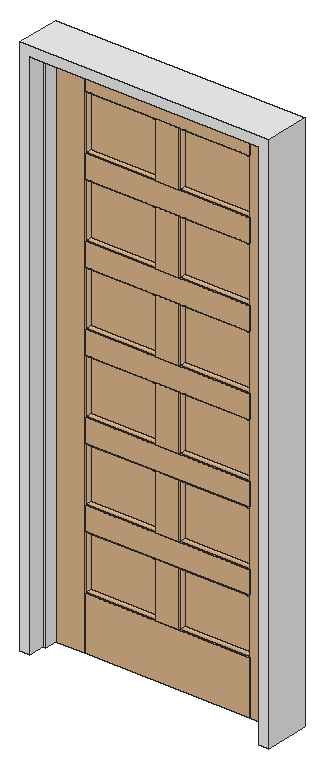
Revit family
Parameters (values of type "1 3/4" Flat Panel")
  URL = "http://www.karonadoor.com"
  Thickness Note = "Do not edit thickness."  # constant formula
  Thickness = 1.774"
  Swing Angle 2D = 90.00°
  SmartBIM Object Version = 1  # constant formula
  SmartBIM Object Created By = "Reed Construction Data"  # constant formula
  Rough Width = 0.000"
  Rough Height = 1.750"
  Panel = Panel_K3220_Karona : 1 3/4" - Flat Panel
  Model = "K3220 Ovolo"  # constant formula
  Manufacturer = "Karona , Inc."  # constant formula
  Detail Door Thickness = 1.750"
  Assembly Code = ""
  Top Rail Height = 5.000"
  Top Rail = Wood, Cherry - Grain Horizontal
  Stile Width = 5.063"
  Stile = Wood, Cherry - Grain Vertical
  Sticking = Wood, Cherry - Grain Vertical
  Middle Rail = Wood, Cherry - Grain Horizontal
  Height = 84.000"
  Wall Closure = (empty or 0)
  Width = 36.000"
  Frame = Metal
  Bottom Rail Height = 8.500"
  Bottom Rail = Wood, Cherry - Grain Horizontal
  95 CSI = "08210"  # constant formula
  04 CSI = "08 14 33"  # constant formula
Types (9): name | Thickness | Rough Height | Panel | Detail Door Thickness
  1 3/4" Flat Panel | 1.774" | 1.750" | Panel_K3220_Karona : 1 3/4" - Flat Panel | 1.750"
  1 3/8" Flat Panel | 1.334" | 0.000" | Panel_K3220_Karona : 1 3/8" - Flat Panel | 1.375"
  2 1/4" Flat Panel | 2.250" | 0.000" | Panel_K3220_Karona : 2 1/4" - Flat Panel | 2.250"
  1 3/4" Glass Panel | 1.774" | 1.750" | Panel_K3220_Karona : 1 3/4" - Glass Panel | 1.750"
  1 3/8" Glass Panel | 1.334" | 0.000" | Panel_K3220_Karona : 1 3/8" - Glass Panel | 1.375"
  2 1/4" Glass Panel | 2.250" | 0.000" | Panel_K3220_Karona : 2 1/4" - Glass Panel | 2.250"
  1 3/4" Raised Panel | 1.774" | 1.750" | Panel_K3220_Karona : 1 3/4" - Raised Panel | 1.774"
  1 3/8" Raised Panel | 1.334" | 0.000" | Panel_K3220_Karona : 1 3/8" - Raised Panel | 1.375"
  2 1/4" Raised Panel | 2.250" | 0.000" | Panel_K3220_Karona : 2 1/4" - Raised Panel | 2.250"
Reference planes (in)
  plane 1 "Center (Front/Back)": y = 0
  plane 2 "Center (Left/Right)": x = 0
  plane 3 "Left": x = -18
  plane 4 "Right": x = 18
  plane 5 "Top": z = 84
  plane 6 "Exterior Edge of Frame": y = 3.5
  plane 7 "Interior Edge of Frame": y = -3.5
  plane 8: y = 1
  plane 9: y = -1
  plane 10 "Opening Left": x = -19.5
  plane 11 "Opening Right": x = 19.5
  plane 12 "Top of Opening": z = 85.5
  plane 13: x = -17.5
Forms (in)
  Sweep 1, solid, material "Metal" <- "Frame"
    path origin (0, 0, 0) x (1, 0, 0) y (0, 0, 1)
      loop
        line (-19.5, 0) -> (-19.5, 85.5) -> (19.5, 85.5) -> (19.5, 0)
    profile origin (-19.5, 0, 42.75) x (-1, 0, 0) y (0, -1, 0)
      loop
        line (0, -3.5) -> (0, 3.5) -> (-1.5, 3.5) -> (-1.5, 1) -> (-2, 1) -> (-2, -1) -> (-1.5, -1) -> (-1.5, -3.5) -> (0, -3.5)
Lines and regions (in)
  Opening 1
    outline origin (-90, -3, 0) x (1, 0, 0) y (0, 0, 1)
      loop
        line (70.5, 0) -> (109.5, 0) -> (109.5, 85.5) -> (70.5, 85.5) -> (70.5, 0)
  symbolic lines, style "Elevation Swing"
    curve 1: line (18, 3, 0) -> (-18, 3, 42)
    curve 2: line (-18, 3, 42) -> (18, 3, 84)
Text (in)
  text "Exterior" at (-46.13199, 20.20143, 0), in view "Ref. Level"
  text "Interior" at (-46.13199, -10.56751, 0), in view "Ref. Level"
  text "Exterior" at (0, 40.15149, 123.01588), in view "Right"
  text "Interior" at (0, -64.39139, 123.01588), in view "Right"
  text "Interior" at (0, -31.01599, 123.00693), in view "Left"
  text "Exterior" at (0, 54.57065, 123.00693), in view "Left"
Dimensions and locks (in)
  "Height": level to plane 5 "Top"
  "Width": plane 3 "Left" to plane 4 "Right"
  equal spacing: host wall, curve 2, plane 5 "Top"
  locked: host wall to plane 7 "Interior Edge of Frame" at 0.5
  locked: plane 6 "Exterior Edge of Frame" to host wall at 0.5
  locked: plane 9 to plane 7 "Interior Edge of Frame" at 2.5
  locked: plane 6 "Exterior Edge of Frame" to plane 8 at 2.5
  equal spacing: plane 3 "Left", plane 2 "Center (Left/Right)", plane 4 "Right"
  locked: plane 4 "Right" to plane 11 "Opening Right" at 1.5
  locked: plane 5 "Top" to plane 12 "Top of Opening" at 1.5
  locked: plane 3 "Left" to plane 13 at 0.5
  locked: plane 10 "Opening Left" to plane 3 "Left" at 1.5
  aligned and locked: Opening 1 sketch curve to level
  aligned and locked: plane 4 "Right" to curve 1
  aligned and locked: plane 3 "Left" to curve 1
  aligned and locked: plane 5 "Top" to curve 2
  aligned and locked: Opening 1 sketch curve to plane 11 "Opening Right"
  aligned and locked: plane 12 "Top of Opening" to Opening 1 sketch curve
  aligned and locked: Opening 1 sketch curve to plane 10 "Opening Left"
  aligned and locked: plane 10 "Opening Left" to Sweep 1 sketch curve
  aligned and locked: plane 12 "Top of Opening" to Sweep 1 sketch curve
  aligned and locked: plane 11 "Opening Right" to Sweep 1 sketch curve
  aligned and locked: level to Sweep 1 sketch curve  (x2)
  aligned and locked: Sweep 1 sketch curve to plane 10 "Opening Left"
  aligned and locked: Sweep 1 sketch curve to plane 6 "Exterior Edge of Frame"
  aligned and locked: Sweep 1 sketch curve to plane 7 "Interior Edge of Frame"
  aligned and locked: Sweep 1 sketch curve to plane 8
  aligned and locked: Sweep 1 sketch curve to plane 9
  aligned and locked: plane 13 to Sweep 1 sketch curve
  aligned and locked: plane 3 "Left" to Sweep 1 sketch curve  (x2)
  aligned and locked: nested 1 to plane 3 "Left"
  aligned and locked: nested 1 to plane 8
  aligned and locked: plane 2 "Center (Left/Right)" to nested 2
  aligned and locked: nested 2 to plane 8
  aligned and locked: plane 8 to nested 2
Automatic sketch dimensions
  curve 1 to level = 0.000"
  curve 2 to plane 4 "Right" = 0.000"
Nested families (in)
  nested 1: "Door Panel Plan View" at (-31.5, 1, 0) x (-1, 0, 0) z (0, 0, 1), type "Door Panel Plan View"
    with Thickness 1.750", Height 84.000"
  nested 2: "Panel_K3220_Karona" at (13.5, 0.6575, 0), type <- "Panel", type "1 3/4" - Flat Panel"
    with Top Panel Offset 9.36458", Panel Height 8.72917", Height 84.000", Half Panel Height 4.36458", Cross Rail and Panel Spacing Start 6.17708", Cross Rail Panel Height 12.35417"
Definition of nested family "Panel_K3220_Karona"
  Parameters (values of type "2 1/4" - Flat Panel")
    Width = 36.000"
    Top Rail Material = Wood, Cherry - Grain Horizontal
    Top Rail Height = 5.000"
    Top Panel Offset = Top Rail Height + Half Panel Height  # 9.36458"
    Thickness Note = "Do not change door thickness"  # constant formula
    Thickness = 2.250"
    Stile Width = 5.063"
    Stile Material = Wood, Cherry - Grain Vertical
    Sticking Material = Wood, Cherry - Grain Vertical
    Panel Width = (Width - (2 * Stile Width) - (1 * Mullion Width)) / 2  # 11.1245"
    Panel Height = (Height - (Bottom Rail Height + Top Rail Height) - (5 * 3.625")) / 6  # 8.72917"
    Panel = Glass-Sticking-Assembly-Ovolo_Karona : Flat Panel
    Mullion Width = 3.625"  # constant formula
    Interior Panel = Wood, Cherry - Grain Vertical
    Height = 84.000"
    Half Panel Width = 0.5 * Panel Width  # 5.56225"
    Half Panel Height = 0.5 * Panel Height  # 4.36458"
    Exterior Edge - Glass Bottom Offset = if(Thickness = 1.774", 0.567", if(Thickness = 2.250", 0.803", 0.469"))  # 0.803"
    Door Panel Material = Wood, Cherry - Grain Vertical
    Default Elevation = 0.000"  # constant formula
    Cross Rail and Panel Spacing Start = Half Panel Height + 0.5 * (3.625")  # 6.17708"
    Cross Rail Panel Height = Panel Height + 3.625"  # 12.35417"
    Bottom Rail Material = Wood, Cherry - Grain Horizontal
    Bottom Rail Height = 8.500"
    Assembly Code = ""
  Types (9): name | Top Panel Offset | Thickness | Panel Height | Panel | Interior Panel | Height | Half Panel Height | Exterior Edge - Glass Bottom Offset | Cross Rail and Panel Spacing Start | Cross Rail Panel Height
    2 1/4" - Flat Panel | 9.36458" | 2.250" | 8.72917" | Glass-Sticking-Assembly-Ovolo_Karona : Flat Panel | Wood, Cherry - Grain Vertical | 84.000" | 4.36458" | 0.803" | 6.17708" | 12.35417"
    2 1/4" - Glass Panel | 9.36458" | 2.250" | 8.72917" | Glass-Sticking-Assembly-Ovolo_Karona : Glass Panel | Glass | 84.000" | 4.36458" | 0.803" | 6.17708" | 12.35417"
    2 1/4" - Raised Panel | 9.03125" | 2.250" | 8.0625" | Glass-Sticking-Assembly-Ovolo_Karona : Raised Panel | Wood, Cherry - Grain Vertical | 80.000" | 4.03125" | 0.803" | 5.84375" | 11.6875"
    1 3/4" - Raised Panel | 9.36458" | 2.250" | 8.72917" | Glass-Sticking-Assembly-Ovolo_Karona : Raised Panel | Wood, Cherry - Grain Vertical | 84.000" | 4.36458" | 0.803" | 6.17708" | 12.35417"
    1 3/4" - Flat Panel | 9.03125" | 1.774" | 8.0625" | Glass-Sticking-Assembly-Ovolo_Karona : Flat Panel | Wood, Cherry - Grain Vertical | 80.000" | 4.03125" | 0.567" | 5.84375" | 11.6875"
    1 3/4" - Glass Panel | 9.03125" | 1.774" | 8.0625" | Glass-Sticking-Assembly-Ovolo_Karona : Glass Panel | Glass | 80.000" | 4.03125" | 0.567" | 5.84375" | 11.6875"
    1 3/8" - Raised Panel | 9.03125" | 1.334" | 8.0625" | Glass-Sticking-Assembly-Ovolo_Karona : Raised Panel | Wood, Cherry - Grain Vertical | 80.000" | 4.03125" | 0.469" | 5.84375" | 11.6875"
    1 3/8" - Glass Panel | 9.03125" | 1.334" | 8.0625" | Glass-Sticking-Assembly-Ovolo_Karona : Glass Panel | Glass | 80.000" | 4.03125" | 0.469" | 5.84375" | 11.6875"
    1 3/8" - Flat Panel | 9.03125" | 1.334" | 8.0625" | Glass-Sticking-Assembly-Ovolo_Karona : Flat Panel | Wood, Cherry - Grain Horizontal | 80.000" | 4.03125" | 0.469" | 5.84375" | 11.6875"
  Reference planes (in)
    plane 1 "Center (Front/Back)": y = 1.2315
    plane 2: z = 0
    plane 3 "Center (Left/Right)": x = -13.5
    plane 4 "Left": x = -31.5
    plane 5: x = 4.5
    plane 6 "Inner Left": x = -26.437
    plane 7 "Inner Right": x = -0.563
    plane 8: z = 8.5
    plane 9 "Bottom Of Top Rail": z = 79
    plane 10 "Top": z = 84
    plane 11 "Interior Edge of Door": y = 2.3565
    plane 12: z = 79
    plane 13 "Exterior Edge of Door": y = 0.1065
    plane 14 "Bottom of Glass": y = 0.9095
    plane 15 "Left Panel Vertical Midline": x = -20.87475
    plane 16 "Right Panel Vertical Midline": x = -6.12525
    plane 17 "Center of Left Vertical Mullion": x = -17.18738
    plane 18 "Center of Right Vertical Mullion": x = -9.81263
    plane 19 "Horizontal Midline Panel 2": z = 62.28125
    plane 20 "Horizontal Midline Panel 3": z = 49.92708
    plane 21 "Horizontal Midline Panel 4": z = 37.57292
    plane 22 "Horizontal Midline Panel 5": z = 25.21875
    plane 23 "Cross Rail 3": z = 43.75
    plane 24 "Cross Rail 4": z = 31.39583
    plane 25 "Cross Rail Bottom": z = 19.04167
    plane 26 "Horizontal Midline Panel 6": z = 12.86458
    plane 27: z = 74.63542
    plane 28 "Cross Rail 2": z = 56.10417
    plane 29 "Cross Rail Top": z = 68.45833
  Forms (in)
    Extrusion 1, solid, material "Wood, Cherry - Grain Horizontal" <- "Bottom Rail Material"
      sketch origin (0, -101.3125, 0) x (1, 0, 0) y (0, 0, 1)
        loop
          line (-26.437, 0) -> (-0.563, 0) -> (-0.563, 8.5) -> (-26.437, 8.5) -> (-26.437, 0)
      from -103.669 to -101.419
    Extrusion 2, solid, material "Wood, Cherry - Grain Vertical" <- "Stile Material"
      sketch origin (0, 1.2315, 0) x (1, 0, 0) y (0, 0, 1)
        loop
          line (-31.5, 84) -> (-31.5, 0) -> (-26.437, 0) -> (-26.437, 84) -> (-31.5, 84)
        loop
          line (-0.563, 0) -> (4.5, 0) -> (4.5, 84) -> (-0.563, 84) -> (-0.563, 0)
      from -1.125 to 1.125
    Extrusion 3, solid, material "Wood, Cherry - Grain Horizontal" <- "Top Rail Material"
      sketch origin (0, 1.2315, 0) x (1, 0, 0) y (0, 0, 1)
        loop
          line (-26.437, 84) -> (-26.437, 79) -> (-0.563, 79) -> (-0.563, 84) -> (-26.437, 84)
      from -1.125 to 1.125
    Extrusion 4, solid, material "Wood, Cherry - Grain Vertical" <- "Stile Material"
      sketch origin (0, 1.2315, 0) x (1, 0, 0) y (0, 0, 1)
        loop
          line (-15.3125, 8.5) -> (-11.6875, 8.5) -> (-11.6875, 17.22867) -> (-15.3125, 17.22867) -> (-15.3125, 8.5)
        loop
          line (-15.3125, 79) -> (-15.3125, 70.27133) -> (-11.6875, 70.27133) -> (-11.6875, 79) -> (-15.3125, 79)
        loop
          line (-15.3125, 57.91717) -> (-11.6875, 57.91717) -> (-11.6875, 66.64533) -> (-15.3125, 66.64533) -> (-15.3125, 57.91717)
        loop
          line (-15.3125, 45.563) -> (-11.6875, 45.563) -> (-11.6875, 54.29117) -> (-15.3125, 54.29117) -> (-15.3125, 45.563)
        loop
          line (-15.3125, 33.20883) -> (-11.6875, 33.20883) -> (-11.6875, 41.937) -> (-15.3125, 41.937) -> (-15.3125, 33.20883)
        loop
          line (-15.3125, 20.85467) -> (-11.6875, 20.85467) -> (-11.6875, 29.58283) -> (-15.3125, 29.58283) -> (-15.3125, 20.85467)
      from -1.125 to 1.125
    Extrusion 5, solid, material "Wood, Cherry - Grain Horizontal" <- "Top Rail Material"
      sketch origin (0, 1.2315, 0) x (1, 0, 0) y (0, 0, 1)
        loop
          line (-26.437, 70.27133) -> (-26.437, 66.64533) -> (-0.563, 66.64533) -> (-0.563, 70.27133) -> (-26.437, 70.27133)
        loop
          line (-0.563, 17.22867) -> (-0.563, 20.85467) -> (-26.437, 20.85467) -> (-26.437, 17.22867) -> (-0.563, 17.22867)
        loop
          line (-0.563, 29.58283) -> (-0.563, 33.20883) -> (-26.437, 33.20883) -> (-26.437, 29.58283) -> (-0.563, 29.58283)
        loop
          line (-0.563, 41.937) -> (-0.563, 45.563) -> (-26.437, 45.563) -> (-26.437, 41.937) -> (-0.563, 41.937)
        loop
          line (-0.563, 54.29117) -> (-0.563, 57.91717) -> (-26.437, 57.91717) -> (-26.437, 54.29117) -> (-0.563, 54.29117)
      from -1.125 to 1.125
  Text (in)
    text "EXTERIOR" at (-34.59289, -1.27941, 0), in view "Ref. Level"
    text "EXTERIOR" at (0, -9.65287, 72.76687), in view "Left"
    text "EXTERIOR" at (0, -33.33473, 96.68074), in view "Right"
  Dimensions and locks (in)
    equal spacing: plane 4 "Left", plane 3 "Center (Left/Right)", plane 5
    "Width": plane 4 "Left" to plane 5
    "Stile Width": plane 4 "Left" to plane 6 "Inner Left"
    "Stile Width": plane 5 to plane 7 "Inner Right"
    "Bottom Rail Height": plane 8 to plane 2
    "Top Rail Height": plane 10 "Top" to plane 9 "Bottom Of Top Rail"
    "Height": plane 10 "Top" to plane 2
    equal spacing: plane 11 "Interior Edge of Door", plane 1 "Center (Front/Back)", plane 13 "Exterior Edge of Door"
    "Thickness": plane 11 "Interior Edge of Door" to plane 13 "Exterior Edge of Door"
    "Exterior Edge - Glass Bottom Offset": plane 14 "Bottom of Glass" to plane 13 "Exterior Edge of Door"
    "Exterior Edge - Glass Bottom Offset": plane 13 "Exterior Edge of Door" to plane 14 "Bottom of Glass"
    "Half Panel Width": plane 15 "Left Panel Vertical Midline" to plane 6 "Inner Left"
    "Half Panel Width": plane 7 "Inner Right" to plane 16 "Right Panel Vertical Midline"
    equal spacing: plane 3 "Center (Left/Right)", plane 17 "Center of Left Vertical Mullion", plane 15 "Left Panel Vertical Midline"
    equal spacing: plane 16 "Right Panel Vertical Midline", plane 18 "Center of Right Vertical Mullion", plane 3 "Center (Left/Right)"
    "Half Panel Height": plane 26 "Horizontal Midline Panel 6" to plane 8
    "Cross Rail and Panel Spacing Start": plane 25 "Cross Rail Bottom" to plane 26 "Horizontal Midline Panel 6"
    "Cross Rail Panel Height": plane 24 "Cross Rail 4" to plane 25 "Cross Rail Bottom"
    "Cross Rail Panel Height": plane 23 "Cross Rail 3" to plane 24 "Cross Rail 4"
    "Cross Rail Panel Height": plane 28 "Cross Rail 2" to plane 23 "Cross Rail 3"
    "Cross Rail Panel Height": plane 29 "Cross Rail Top" to plane 28 "Cross Rail 2"
    equal spacing: Extrusion 5 sketch curve, plane 29 "Cross Rail Top", Extrusion 5 sketch curve
    equal spacing: Extrusion 5 sketch curve, plane 28 "Cross Rail 2", Extrusion 5 sketch curve
    equal spacing: Extrusion 5 sketch curve, plane 23 "Cross Rail 3", Extrusion 5 sketch curve
    equal spacing: Extrusion 5 sketch curve, plane 24 "Cross Rail 4", Extrusion 5 sketch curve
    equal spacing: Extrusion 5 sketch curve, plane 25 "Cross Rail Bottom", Extrusion 5 sketch curve
    locked: Extrusion 5 sketch curve to Extrusion 5 sketch curve at 3.626  (x5)
    equal spacing: plane 24 "Cross Rail 4", plane 22 "Horizontal Midline Panel 5", plane 25 "Cross Rail Bottom"
    equal spacing: plane 23 "Cross Rail 3", plane 21 "Horizontal Midline Panel 4", plane 24 "Cross Rail 4"
    equal spacing: plane 28 "Cross Rail 2", plane 20 "Horizontal Midline Panel 3", plane 23 "Cross Rail 3"
    equal spacing: plane 29 "Cross Rail Top", plane 19 "Horizontal Midline Panel 2", plane 28 "Cross Rail 2"
    "Cross Rail and Panel Spacing Start": plane 27 to plane 29 "Cross Rail Top"
    aligned and locked: Extrusion 1 to plane 2
    aligned and locked: plane 11 "Interior Edge of Door" to Extrusion 1
    aligned and locked: plane 4 "Left" to Extrusion 2 sketch curve
    aligned and locked: Extrusion 2 sketch curve to plane 10 "Top"
    aligned and locked: Extrusion 2 sketch curve to Extrusion 1  (x3)
    aligned and locked: Extrusion 1 to Extrusion 2 sketch curve
    aligned and locked: plane 10 "Top" to Extrusion 2 sketch curve
    aligned and locked: plane 5 to Extrusion 2 sketch curve
    aligned and locked: plane 11 "Interior Edge of Door" to Extrusion 2
    aligned and locked: Extrusion 2 to Extrusion 3 sketch curve
    aligned and locked: Extrusion 3 sketch curve to Extrusion 2
    aligned and locked: plane 11 "Interior Edge of Door" to Extrusion 3
    aligned and locked: plane 12 to plane 9 "Bottom Of Top Rail"
    aligned and locked: level to plane 2
    aligned and locked: Extrusion 3 to plane 13 "Exterior Edge of Door"
    aligned and locked: Extrusion 3 to plane 11 "Interior Edge of Door"
    aligned and locked: Extrusion 2 to plane 13 "Exterior Edge of Door"
    aligned and locked: Extrusion 3 to plane 12
    aligned and locked: Extrusion 1 to Extrusion 2
    aligned and locked: nested 1 to plane 1 "Center (Front/Back)"
    aligned and locked: nested 1 to plane 15 "Left Panel Vertical Midline"
    aligned and locked: nested 2 to plane 1 "Center (Front/Back)"
    aligned and locked: nested 2 to plane 16 "Right Panel Vertical Midline"
    aligned and locked: Extrusion 4 sketch curve to plane 12
    aligned and locked: Extrusion 4 sketch curve to plane 8
    aligned and locked: plane 11 "Interior Edge of Door" to Extrusion 4
    aligned and locked: Extrusion 4 to plane 13 "Exterior Edge of Door"
    aligned and locked: Extrusion 5 sketch curve to plane 6 "Inner Left"
    aligned and locked: Extrusion 5 sketch curve to plane 7 "Inner Right"
    aligned and locked: plane 11 "Interior Edge of Door" to Extrusion 5
    aligned and locked: Extrusion 5 to plane 13 "Exterior Edge of Door"
    aligned and locked: plane 26 "Horizontal Midline Panel 6" to nested 1
    aligned and locked: plane 27 to nested 3
    aligned and locked: plane 15 "Left Panel Vertical Midline" to nested 3
    aligned and locked: plane 27 to nested 4
    aligned and locked: plane 16 "Right Panel Vertical Midline" to nested 4
    aligned and locked: plane 19 "Horizontal Midline Panel 2" to nested 11
    aligned and locked: plane 19 "Horizontal Midline Panel 2" to nested 12
    aligned and locked: plane 16 "Right Panel Vertical Midline" to nested 12
    aligned and locked: plane 16 "Right Panel Vertical Midline" to nested 10
    aligned and locked: plane 16 "Right Panel Vertical Midline" to nested 8
    aligned and locked: plane 16 "Right Panel Vertical Midline" to nested 6
    aligned and locked: plane 20 "Horizontal Midline Panel 3" to nested 10
    aligned and locked: plane 20 "Horizontal Midline Panel 3" to nested 9
    aligned and locked: plane 21 "Horizontal Midline Panel 4" to nested 7
    aligned and locked: plane 21 "Horizontal Midline Panel 4" to nested 8
    aligned and locked: plane 22 "Horizontal Midline Panel 5" to nested 5
    aligned and locked: plane 22 "Horizontal Midline Panel 5" to nested 6
    aligned and locked: plane 15 "Left Panel Vertical Midline" to nested 11
    aligned and locked: plane 15 "Left Panel Vertical Midline" to nested 9
    aligned and locked: plane 15 "Left Panel Vertical Midline" to nested 7
    aligned and locked: plane 15 "Left Panel Vertical Midline" to nested 5
    aligned and locked: plane 26 "Horizontal Midline Panel 6" to nested 2
  Automatic sketch dimensions
    Extrusion 1 sketch curve to plane 6 "Inner Left" = 0.000"
    Extrusion 1 sketch curve to plane 7 "Inner Right" = 0.000"
    Extrusion 1 sketch curve to level = 0.000"
    Extrusion 1 sketch curve to plane 8 = 0.000"
    Extrusion 3 sketch curve to plane 7 "Inner Right" = 0.000"
    plane 9 "Bottom Of Top Rail" to Extrusion 3 sketch curve = 0.000"
    Extrusion 5 sketch curve to plane 7 "Inner Right" = 0.000"  (x4)
    Extrusion 5 sketch curve to plane 6 "Inner Left" = 0.000"  (x4)
    plane 24 "Cross Rail 4" to Extrusion 4 sketch curve = 1.813"
    Extrusion 4 sketch curve to plane 23 "Cross Rail 3" = 1.813"
    plane 23 "Cross Rail 3" to Extrusion 4 sketch curve = 1.813"
    plane 28 "Cross Rail 2" to Extrusion 4 sketch curve = 1.813"
    plane 29 "Cross Rail Top" to Extrusion 4 sketch curve = 1.813"
    Extrusion 4 sketch curve to plane 28 "Cross Rail 2" = 1.813"
    plane 25 "Cross Rail Bottom" to Extrusion 4 sketch curve = 1.813"
    Extrusion 4 sketch curve to plane 25 "Cross Rail Bottom" = 1.813"
    Extrusion 4 sketch curve to plane 24 "Cross Rail 4" = 1.813"
    Extrusion 4 sketch curve to plane 29 "Cross Rail Top" = 1.813"
  Nested families (in)
    nested 1: "Glass-Sticking-Assembly-Ovolo_Karona" at (-21.3435, 1.38, 8.5), Width <- "Panel Width", Height <- "Panel Height", type <- "Panel", type "Flat Panel"
      with Width 11.1245", Height 8.72917"
    nested 2: "Glass-Sticking-Assembly-Ovolo_Karona" at (-6.594, 1.38, 8.5), Width <- "Panel Width", Height <- "Panel Height", type <- "Panel", type "Flat Panel"
      with Width 11.1245", Height 8.72917"
    nested 3: "Glass-Sticking-Assembly-Ovolo_Karona" at (-21.3435, 1.38, 70.27083), Width <- "Panel Width", Height <- "Panel Height", type <- "Panel", type "Flat Panel"
      with Width 11.1245", Height 8.72917"
    nested 4: "Glass-Sticking-Assembly-Ovolo_Karona" at (-6.594, 1.38, 70.27083), Width <- "Panel Width", Height <- "Panel Height", type <- "Panel", type "Flat Panel"
      with Width 11.1245", Height 8.72917"
    nested 5: "Glass-Sticking-Assembly-Ovolo_Karona" at (-21.3435, 1.3784, 20.85417), Width <- "Panel Width", Height <- "Panel Height", type <- "Panel", type "Flat Panel"
      with Width 11.1245", Height 8.72917"
    nested 6: "Glass-Sticking-Assembly-Ovolo_Karona" at (-6.594, 1.3784, 20.85417), Width <- "Panel Width", Height <- "Panel Height", type <- "Panel", type "Flat Panel"
      with Width 11.1245", Height 8.72917"
    nested 7: "Glass-Sticking-Assembly-Ovolo_Karona" at (-21.3435, 1.3788, 33.20833), Width <- "Panel Width", Height <- "Panel Height", type <- "Panel", type "Flat Panel"
      with Width 11.1245", Height 8.72917"
    nested 8: "Glass-Sticking-Assembly-Ovolo_Karona" at (-6.594, 1.3788, 33.20833), Width <- "Panel Width", Height <- "Panel Height", type <- "Panel", type "Flat Panel"
      with Width 11.1245", Height 8.72917"
    nested 9: "Glass-Sticking-Assembly-Ovolo_Karona" at (-21.3435, 1.3792, 45.5625), Width <- "Panel Width", Height <- "Panel Height", type <- "Panel", type "Flat Panel"
      with Width 11.1245", Height 8.72917"
    nested 10: "Glass-Sticking-Assembly-Ovolo_Karona" at (-6.594, 1.3792, 45.5625), Width <- "Panel Width", Height <- "Panel Height", type <- "Panel", type "Flat Panel"
      with Width 11.1245", Height 8.72917"
    nested 11: "Glass-Sticking-Assembly-Ovolo_Karona" at (-21.3435, 1.3796, 57.91667), Width <- "Panel Width", Height <- "Panel Height", type <- "Panel", type "Flat Panel"
      with Width 11.1245", Height 8.72917"
    nested 12: "Glass-Sticking-Assembly-Ovolo_Karona" at (-6.594, 1.3796, 57.91667), Width <- "Panel Width", Height <- "Panel Height", type <- "Panel", type "Flat Panel"
      with Width 11.1245", Height 8.72917"
  Definition of nested family "Glass-Sticking-Assembly-Ovolo_Karona"
    Parameters (values of type "Raised Panel")
      Width [instance] = 4.000"
      Vertical Profile Offset = if(Glass Panel, 0.473", 0.050")  # 0.050"
      Stop Adjustment = if(and(not(Glass Panel), Door Thickness = 1.774"), 0.513", if(and(not(Glass Panel), Door Thickness = 2.250"), 0.513", if((Glass Panel), 0.125", 0.273")))  # 0.273"
      Profile = Wood, Cherry - Grain Vertical
      Height [instance] = 23.000"
      Raised Panel = yes
      Interior Panel = Wood, Cherry - Grain Vertical
      Glass Panel = no
      Door Thickness = 1.334"
      C = if(Door Thickness = 1.774", 0.197", if(Door Thickness = 2.250", 0.437", 0.106"))  # 0.106"
      B = if(Door Thickness = 1.774", 0.567", if(Door Thickness = 2.250", 0.803", 0.469"))  # 0.469"
      Assembly Code = ""
      A = if(Door Thickness = 1.774", 0.195", if(Door Thickness = 2.250", 0.431", 0.108"))  # 0.108"
    Types (3): name | Width | Vertical Profile Offset | Stop Adjustment | Raised Panel | Glass Panel | Door Thickness | C | B | A
      Glass Panel | 5.000" | 0.473" | 0.125" | no | yes | 2.250" | 0.437" | 0.803" | 0.431"
      Flat Panel | 4.500" | 0.050" | 0.513" | no | no | 2.250" | 0.437" | 0.803" | 0.431"
      Raised Panel | 4.000" | 0.050" | 0.273" | yes | no | 1.334" | 0.106" | 0.469" | 0.108"
    Reference planes (in)
      plane 1 "Stop Adjustment Edge": y = -0.3455
      plane 2: z = 0
      plane 3 "Center (Left/Right)": x = 0.46875
      plane 4 "Back": y = 0.3945
      plane 5 "Front": y = -0.9395
      plane 6 "Left": x = -1.53125
      plane 7 "Right": x = 2.46875
      plane 8 "Top": z = 23
      plane 9 "Center (Up/Down)": z = 11.5
      plane 10 "Bottom of Stop": y = -0.0725
      plane 11 "Bottom of Glass": y = -0.4705
      plane 12 "Right Edge of Glass": x = 2.41875
      plane 13 "Left Edge of Glass": x = -1.48125
      plane 14 "Top Edge of Glass": z = 22.90625
      plane 15 "Bottom Edge of Glass": z = 0.09375
      plane 16: x = 2.34375
      plane 17 "A": y = -0.8315
      plane 18 "C": y = 0.2885
      plane 19 "Bottom Cut Line": z = 0.438
      plane 20 "Top Cut Line": z = 22.562
      plane 21 "Cut Vertical Left": x = -1.09325
      plane 22 "Cut Vertical": x = 2.03075
      plane 23 "Center (Front/Back)": y = -0.2725
    Forms (in)
      Sweep 1, solid, material "Wood, Cherry - Grain Vertical" <- "Profile"
        path origin (0, -0.3455, 0) x (1, 0, 0) y (0, 0, 1)
          loop
            line (2.46875, 23) -> (-1.53125, 23) -> (-1.53125, 0) -> (2.46875, 0) -> (2.46875, 23)
        profile origin (2.46875, -0.3455, 11.5) x (0, -1, 0) y (1, 0, 0)
          loop
            line (-0.634, 0) -> (-0.634, -0.438) -> (-0.273, -0.438) -> (-0.273, -0.05) -> (0.125, -0.05) -> (0.125, -0.44588)
            arc (0.125, -0.44588) -> (0.40126, -0.29929) -> (0.492, 0) r 0.40707
            line (0.492, 0) -> (-0.634, 0)
      Extrusion 2, solid, material "Wood, Cherry - Grain Vertical" <- "Interior Panel"
        sketch origin (0, 0, 0) x (1, 0, 0) y (0, 1, 0)
          loop
            line (-1.48125, -0.0725) -> (-1.48125, -0.4705) -> (2.41875, -0.4705) -> (2.41875, -0.0725) -> (-1.48125, -0.0725)
        from 0.09375 to 22.90625
      Extrusion 3, solid, material "Wood, Cherry - Grain Vertical" <- "Profile", visible <- "Raised Panel"
        sketch origin (0, 0, 0) x (1, 0, 0) y (0, 1, 0)
          loop
            line (2.03075, 0.2885) -> (-1.09325, 0.2885) -> (-1.09325, -0.0725) -> (2.03075, -0.0725) -> (2.03075, 0.2885)
          loop
            line (-1.09325, -0.4705) -> (-1.09325, -0.8315) -> (2.03075, -0.8315) -> (2.03075, -0.4705) -> (-1.09325, -0.4705)
        from 0.438 to 22.562
      Sweep 4, void
        path origin (0, -0.0725, 0) x (-1, 0, 0) y (0, 0, 1)
          loop
            line (1.53125, 0) -> (1.53125, 23) -> (-2.46875, 23) -> (-2.46875, 0) -> (1.53125, 0)
        profile "Profile : 05" origin (-1.53125, -0.0725, 11.5) x (1, 0, 0) y (0, 1, 0)
          loop
            line (0, 0.05) -> (0.36169, 0.05096)
            arc (0.36169, 0.05096) -> (1.01257, 0.13642) -> (1.61934, 0.387) r 2.52143
            line (1.61934, 0.387) -> (0, 0.387) -> (0, 0.05)
      Sweep 5, void
        path origin (0, -0.4705, 0) x (-1, 0, 0) y (0, 0, 1)
          loop
            line (-2.46875, 23) -> (-2.46875, 0) -> (1.53125, 0) -> (1.53125, 23) -> (-2.46875, 23)
        profile "Profile : 05" origin (2.46875, -0.4705, 11.5) x (-1, 0, 0) y (0, 1, 0)
          loop
            line (0, -0.05) -> (0, -0.387) -> (1.61934, -0.387)
            arc (1.61934, -0.387) -> (1.01257, -0.13642) -> (0.36169, -0.05096) r 2.52143
            line (0.36169, -0.05096) -> (0, -0.05)
      Sweep 6, void
        path origin (0, 0.2885, 0) x (1, 0, 0) y (0, 0, 1)
          loop
            line (-1.09325, 0.438) -> (2.03075, 0.438) -> (2.03075, 22.562) -> (-1.09325, 22.562) -> (-1.09325, 0.438)
        profile "QuarterCircleCut : QuarterCircleCut" origin (2.03075, 0.2885, 11.5) x (-1, 0, 0) y (0, -1, 0)
          loop
            arc (0.35, 0) -> (0.10251, 0.10251) -> (0, 0.35) r 0.35
            line (0, 0.35) -> (0, 0) -> (0.35, 0)
    Cuts and joins
      Sweep 4, Sweep 5 cuts Extrusion 3
      Sweep 6 cuts Sweep 1
    Text (in)
      text "INTERIOR" at (-14.3788, 3.49864, 0), in view "Ref. Level"
    Dimensions and locks (in)
      equal spacing: plane 6 "Left", plane 3 "Center (Left/Right)", plane 7 "Right"
      "Width": plane 6 "Left" to plane 7 "Right"
      "Door Thickness": plane 4 "Back" to plane 5 "Front"
      "Height": plane 8 "Top" to plane 2
      equal spacing: plane 8 "Top", plane 9 "Center (Up/Down)", level
      locked: plane 1 "Stop Adjustment Edge" to plane 11 "Bottom of Glass" at 0.125
      "Stop Adjustment": plane 10 "Bottom of Stop" to plane 1 "Stop Adjustment Edge"
      locked: plane 12 "Right Edge of Glass" to plane 7 "Right" at 0.05
      locked: plane 8 "Top" to plane 14 "Top Edge of Glass" at 0.09375
      locked: plane 15 "Bottom Edge of Glass" to level at 0.09375
      locked: plane 6 "Left" to plane 13 "Left Edge of Glass" at 0.05
      "B": plane 5 "Front" to plane 11 "Bottom of Glass"
      locked: plane 16 to plane 7 "Right" at 0.125
      "A": plane 5 "Front" to plane 17 "A"
      "C": plane 18 "C" to plane 4 "Back"
      plane 4 "Back" to Sweep 1 = 0.467"
      locked: plane 19 "Bottom Cut Line" to level at 0.438
      locked: plane 8 "Top" to plane 20 "Top Cut Line" at 0.438
      locked: plane 6 "Left" to plane 21 "Cut Vertical Left" at 0.438
      locked: plane 22 "Cut Vertical" to plane 7 "Right" at 0.438
      equal spacing: plane 4 "Back", plane 23 "Center (Front/Back)", plane 5 "Front"
      aligned and locked: Sweep 1 sketch curve to plane 7 "Right"
      aligned and locked: Sweep 1 sketch curve to plane 8 "Top"
      aligned and locked: Sweep 1 sketch curve to plane 6 "Left"
      aligned and locked: Sweep 1 sketch curve to level
      aligned and locked: plane 10 "Bottom of Stop" to Sweep 1 sketch curve
      aligned and locked: plane 11 "Bottom of Glass" to Sweep 1 sketch curve
      aligned and locked: Extrusion 2 sketch curve to plane 13 "Left Edge of Glass"
      aligned and locked: Extrusion 2 sketch curve to plane 10 "Bottom of Stop"
      aligned and locked: Extrusion 2 sketch curve to plane 11 "Bottom of Glass"
      aligned and locked: Extrusion 2 sketch curve to plane 12 "Right Edge of Glass"
      aligned and locked: plane 14 "Top Edge of Glass" to Extrusion 2
      aligned and locked: Extrusion 2 to plane 15 "Bottom Edge of Glass"
      aligned and locked: Extrusion 3 sketch curve to plane 18 "C"
      aligned and locked: Extrusion 3 sketch curve to plane 10 "Bottom of Stop"
      aligned and locked: Extrusion 3 sketch curve to plane 11 "Bottom of Glass"
      aligned and locked: Extrusion 3 sketch curve to plane 17 "A"
      aligned and locked: Extrusion 3 to plane 19 "Bottom Cut Line"
      aligned and locked: Extrusion 3 to plane 20 "Top Cut Line"
      aligned and locked: plane 12 "Right Edge of Glass" to Sweep 1 sketch curve
      aligned and locked: plane 22 "Cut Vertical" to Extrusion 3 sketch curve  (x2)
      aligned and locked: Extrusion 3 sketch curve to plane 21 "Cut Vertical Left"  (x2)
      aligned and locked: plane 22 "Cut Vertical" to Sweep 1 sketch curve
      aligned and locked: Sweep 5 sketch curve to plane 6 "Left"
      aligned and locked: plane 8 "Top" to Sweep 5 sketch curve
      aligned and locked: Sweep 5 sketch curve to plane 7 "Right"
      aligned and locked: level to Sweep 5 sketch curve
      aligned and locked: Sweep 4 sketch curve to plane 7 "Right"
      aligned and locked: plane 8 "Top" to Sweep 4 sketch curve
      aligned and locked: Sweep 4 sketch curve to plane 6 "Left"
      aligned and locked: level to Sweep 4 sketch curve
      aligned and locked: plane 18 "C" to Sweep 1 sketch curve
      aligned and locked: Sweep 6 sketch curve to plane 21 "Cut Vertical Left"
      aligned and locked: plane 22 "Cut Vertical" to Sweep 6 sketch curve
      aligned and locked: Sweep 6 sketch curve to plane 19 "Bottom Cut Line"
      aligned and locked: plane 20 "Top Cut Line" to Sweep 6 sketch curve
    Automatic sketch dimensions
      Sweep 1 sketch curve to Sweep 1 sketch curve = 0.03804"
      Sweep 1 sketch curve to Sweep 1 sketch curve = 0.367"
      plane 16 to Sweep 1 sketch curve = 0.32088"
      Sweep 1 sketch curve to profile plane = 0.000"
Definition of nested family "Door Panel Plan View"
  Parameters (values of type "Door Panel Plan View")
    Width = 36.000"
    Thickness = 2.000"
    Swing Angle 2D = 90.00°
    Height = 0.000"
    Assembly Code = ""
  Reference planes (in)
    plane 1 "Center (Front/Back)": y = 0
    plane 2: z = 0
    plane 3 "Center (Left/Right)": x = -13.5
  Lines and regions (in)
    symbolic lines, style "DoorsPanelProjection"
      curve 1: line (-13.5, 0, 0) -> (-13.5, 36, 0)
      curve 2: line (-15.5, 0, 0) -> (-15.5, 36, 0)
      curve 3: line (-13.5, 0, 0) -> (-15.5, 0, 0)
      curve 4: line (-13.5, 36, 0) -> (-15.5, 36, 0)
    symbolic lines, style "Plan Swing"
      curve 5: arc (-13.5, 36, 0) -> (-38.95584, 25.45584, 0) -> (-49.5, 0, 0) r 36
  Dimensions and locks (in)
    "Width": curve 4 to curve 3
    "Thickness": curve 1 to curve 2
    "Swing Angle 2D": angle curve 1 to plane 1 "Center (Front/Back)"
    aligned and locked: plane 1 "Center (Front/Back)" to curve 5
  Automatic sketch dimensions
    curve 3 to plane 1 "Center (Front/Back)" = 0.000"
    curve 5 to plane 3 "Center (Left/Right)" = 0.000"
    curve 3 to plane 3 "Center (Left/Right)" = 0.000"
